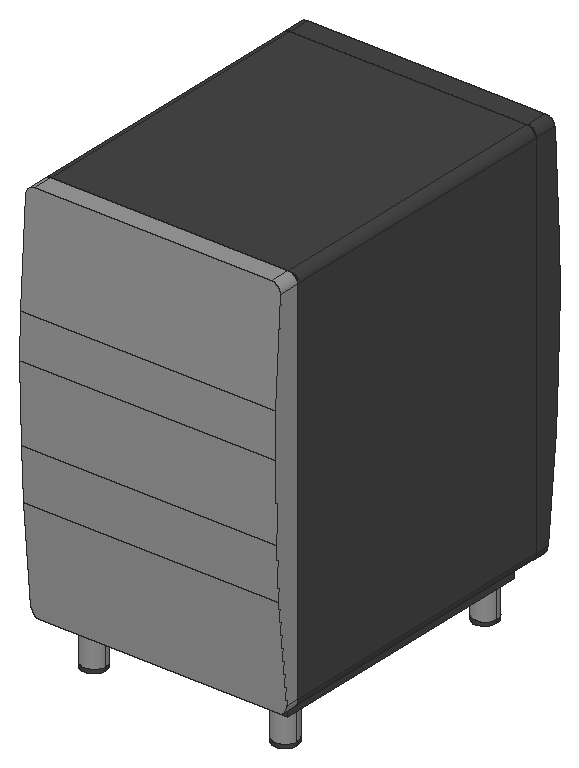
Revit family "Franke_Refrigeration_side_unit_SU12_EC-A600_MS_EC_A600_FM_EC_A800_FM_EC(USA)", category Specialty Equipment, Revit 2015
Parameters (values of type "Refrigeration side unit SU12 EC-A600 MS EC,A600 FM EC,A800 FM EC(110-127V/anthracite/USA)")
  Volts max. = 127 V
  URL = "https://www.franke.com/main/en/cs/products/product-search.html"
  Depth (mm) = 475 mm
  Temperature range = "+ 3° C to +8° C"
  Volts min. = 110 V
  Cycle Alternative = 0 Hz
  Max Overcurrent Protection = "-"
  Cycle = 60 Hz
  Model = "410874 - Refrigeration side unit SU12 EC - A600 MS EC, A600 FM EC, A800 FM EC"
  Milk storage = "12 l"
  Current consumption = "1.70 A"
  Cost = 0
  Height (mm) = 586 mm
  Manufacturer = "Franke"
  Energy loss acc. to DIN 18873 = "0.783 kWh/24 h - 230 V"
  Width (mm) = 340 mm
  Description = "Refrigeration side unit SU12 for storage of cooled milk"
  Assembly Code = "Refrigeration side unit SU12"
  Keynote = "Refrigeration side unit SU12"
  Weight = "26 kg"
  Number of Poles = 1
  Number of Protective Conductors = "1"
  Number of Nutral Conductors = "1"
  Frontcover = Franke Anthracite
Types (3, lengths in mm): name | Frontcover
  (no name) | Franke Anthracite
  Refrigeration side unit SU12 EC-A600 MS EC,A600 FM EC,A800 FM EC(110-127V/black line/USA) | Franke Black
  Refrigeration side unit SU12 EC-A600 MS EC,A600 FM EC,A800 FM EC(110-127V/anthracite/USA) | Franke Anthracite
Reference planes
  plane 1 "Mitte (Vorne/Hinten)": y = 0
  plane 2: z = 0
  plane 3 "Mitte (Links/Rechts)": x = 0
Forms (mm)
  Extrusion 1, solid, material "Franke Black"
    sketch origin (0, 0, 0) x (1, 0, 0) y (0, 0, 1)
      loop
        arc (-170, 78) -> (-166.485, 69.515) -> (-158, 66) r 12
        line (-158, 66) -> (158, 66)
        arc (158, 66) -> (166.485, 69.515) -> (170, 78) r 12
        line (170, 78) -> (170, 574)
        arc (170, 574) -> (166.485, 582.485) -> (158, 586) r 12
        line (158, 586) -> (-158, 586)
        arc (-158, 586) -> (-166.485, 582.485) -> (-170, 574) r 12
        line (-170, 574) -> (-170, 78)
    from -198.03 to 198.03
  Extrusion 2, solid, material "Franke Black"
    sketch origin (0, 0, 0) x (0, 1, 0) y (0, 0, 1)
      loop
        line (186.97, 66) -> (-188.03, 66) -> (-188.03, 46) -> (186.97, 46) -> (186.97, 66)
    from -149 to 149
  Extrusion 3, solid, material "Franke Black"
    sketch origin (0, 0, 0) x (1, 0, 0) y (0, 1, 0)
      loop
        line (-139, 119.911) -> (-139, 96.511) -> (-120.3, 96.511) -> (-120.3, 119.911) -> (-139, 119.911)
      loop
        line (120.3, 119.911) -> (120.3, 96.511) -> (139, 96.511) -> (139, 119.911) -> (120.3, 119.911)
      loop
        line (120.3, -95.689) -> (120.3, -119.089) -> (139, -119.089) -> (139, -95.689) -> (120.3, -95.689)
      loop
        line (-139, -95.689) -> (-139, -119.089) -> (-120.3, -119.089) -> (-120.3, -95.689) -> (-139, -95.689)
    from 42 to 46
  Extrusion 4, solid, material "Franke Chrome"
    sketch origin (0, 0, 0) x (1, 0, 0) y (0, 1, 0)
      loop
        circle (-127.5, 166.47) r 16
      loop
        circle (-127.5, -166.13) r 16
      loop
        circle (127.5, 166.47) r 16
      loop
        circle (127.5, -166.13) r 16
    from 5 to 46
  Extrusion 5, solid, material "Franke Black"
    sketch origin (0, 0, -41) x (1, 0, 0) y (0, 1, 0)
      loop
        circle (-127.5, 166.47) r 16
      loop
        circle (-127.5, -166.13) r 16
      loop
        circle (127.5, 166.47) r 16
      loop
        circle (127.5, -166.13) r 16
    from 41 to 46
  Extrusion 6, solid, material "Franke Anthracite" <- "Frontcover"
    sketch origin (0, 0, 0) x (0, 1, 0) y (0, 0, 1)
      loop
        line (-199.53, 586) -> (-226.03, 586)
        arc (-226.03, 586) -> (-230.938, 512.688) -> (-234.804, 439.314) r 5166.525
        arc (-234.804, 439.314) -> (-235.718, 409.388) -> (-235.736, 379.448) r 1000
        arc (-235.736, 379.448) -> (-234.928, 328.403) -> (-233.97, 277.36) r 17389.365
        arc (-233.97, 277.36) -> (-232.66, 242.583) -> (-230.141, 207.872) r 1000
        arc (-230.141, 207.872) -> (-223.415, 136.903) -> (-216.03, 66) r 7668.804
        line (-216.03, 66) -> (-199.53, 66) -> (-199.53, 586)
    from -170 to 170
  Extrusion 7, solid, material "Franke Black"
    sketch origin (0, 0, 0) x (0, 1, 0) y (0, 0, 1)
      loop
        line (228.03, 586) -> (199.53, 586) -> (199.53, 66) -> (216.03, 66)
        arc (216.03, 66) -> (223.625, 137.651) -> (230.787, 209.347) r 11934.303
        arc (230.787, 209.347) -> (233.53, 243.904) -> (235.074, 278.535) r 1000
        arc (235.074, 278.535) -> (236.278, 326.896) -> (237.256, 375.262) r 10374.963
        arc (237.256, 375.262) -> (237.334, 405.934) -> (236.472, 436.595) r 1000
        arc (236.472, 436.595) -> (232.736, 511.325) -> (228.03, 586) r 5764.394
    from -170 to 170
  Extrusion 8, solid, material "Franke Black"
    sketch origin (0, 0, 0) x (1, 0, 0) y (0, 0, 1)
      loop
        line (-120, 576) -> (-120, 66) -> (120, 66) -> (120, 576) -> (-120, 576)
    from 198.03 to 199.53
  Extrusion 9, solid, material "Franke Black"
    sketch origin (0, 397.56, 0) x (1, 0, 0) y (0, 0, 1)
      loop
        line (-120, 576) -> (-120, 66) -> (120, 66) -> (120, 576) -> (-120, 576)
    from 198.03 to 199.53
  Extrusion 10, void
    sketch origin (0, 0, 0) x (1, 0, 0) y (0, 0, 1)
      loop
        line (-158, 586) -> (-158, 596) -> (-180, 596) -> (-180, 574) -> (-170, 574)
        arc (-170, 574) -> (-166.485, 582.485) -> (-158, 586) r 12
      loop
        arc (158, 586) -> (166.485, 582.485) -> (170, 574) r 12
        line (170, 574) -> (180, 574) -> (180, 596) -> (158, 596) -> (158, 586)
      loop
        arc (-158, 66) -> (-166.485, 69.515) -> (-170, 78) r 12
        line (-170, 78) -> (-180, 78) -> (-180, 56) -> (-158, 56) -> (-158, 66)
      loop
        line (158, 66) -> (158, 56) -> (180, 56) -> (180, 78) -> (170, 78)
        arc (170, 78) -> (166.485, 69.515) -> (158, 66) r 12
    from -296.752 to 350.669
  Extrusion 11, void
    sketch origin (0, 0, 0) x (1, 0, 0) y (0, 1, 0)
      loop
        circle (-2, 69.416) r 50
    from 0 to 56
  Extrusion 12, solid, material "Franke Chrome"
    sketch origin (0, 0, 0) x (1, 0, 0) y (0, 1, 0)
      loop
        circle (0, 95.015) r 2.5
    from 46 to 56
Cuts and joins
  Extrusion 11 cuts Extrusion 2
  Extrusion 10 cuts Extrusion 6
  Extrusion 10 cuts Extrusion 7
Dimensions and locks
  aligned and locked: level to plane 2
Connectors
  electrical at (0, 95.015, 46), driven by "Volts min.", driven by "Number of Poles"
    settings: on Extrusion 12, index 1, voltage 110 V, apparent load 0 VA, apparent load phase1 0 VA, apparent load phase2 0 VA, apparent load phase3 0 VA, power factor 1, load classification "Strom", number of poles 1, system type 31, power factor state 1, is connector primary yes, connector utility no, sub classification motor no, connector description ""
